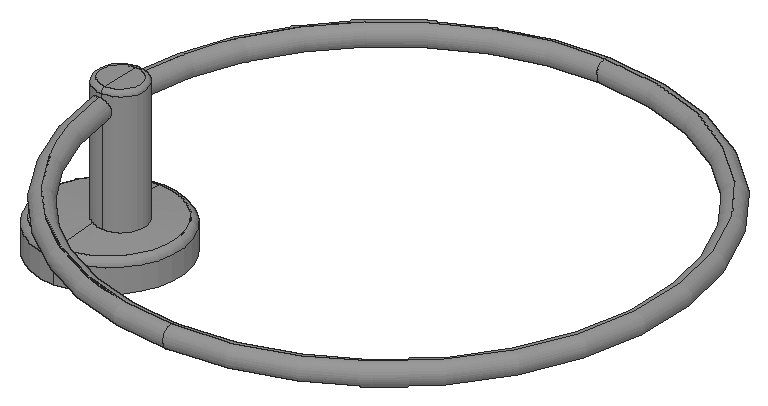
Revit family "Towel Ring- Trendly Hotels- Gala - 53071", category Plumbing Fixtures, host Face, Revit 2020
Family settings
  Host = Face
  Round Connector Dimension = Use Diameter
  Part Type = Normal
  OmniClass Number = 23.45.05.00
  OmniClass Title = Sanitary Equipment
  Cut with Voids When Loaded = No
  Shared = No
  Room Calculation Point = No
Parameters (values of type "5307100 Chrome")
  Youtube clip = ""
  Weight Net (Kg) = 0
  Uniclass 2.0 Description = ""
  Uniclass 2.0 Code = ""
  Uniclass 1.4 Description = "Bathroom, toilet furniture and fittings"
  Uniclass 1.4 Code = "L824"
  URL = "http://www.gala.es/accesorios/trendly-hotels/toallero-de-aro-53071_0"
  UNSPSC Code = ""
  Technical description = "http://www.gala.es/site/files/datos/ACCESORIOS/TRENDLY-HOTELS/53071/TECNICOS/T53071.pdf"
  Region South America = "All"
  Region Oceania = "All"
  Region North America = "All"
  Region Middle East = "All"
  Region Europe = "All"
  Region Asia = "All"
  Region Antarctica = "All"
  Region Africa = "All"
  QR code = "http://bimobject.com/gala/product/53071"
  Product group = "Bathroom accesories"
  Product family = "Trendly hotels"
  Product data url = "http://bimobject.com/gala/product/53071"
  Product certification = ""
  Product SKU = "5307100"
  Product Guid = "4c1dca54-f27a-4a78-8d14-a200a19dd9cd"
  Primary Material = Chrome- Trendly Hotels - Gala
  Nominal width = 200
  Nominal height = 220
  NBS Reference Description = ""
  NBS Reference Code = ""
  Model = "53071"
  Material secondary = ""
  Material main = ""
  Manufacturer name = "GALA"
  Manufacturer country = "Spain"
  Manufacturer URL = "http://www.gala.es/"
  Installation instructions = ""
  IFC Classification = "Object"
  Edition number = 1
  EAN code = ""
  Design country = "Spain"
  Description = "Towel ring"
  Default Elevation = 1219.2 mm
  Date of publishing = "2015-05-01"
  COBIe Type Category = ""
  BIMobject category = "Bathroom Accessories"
Reference planes
  plane 1 "Center (Front/Back)": y = 0
  plane 2: z = 0
  plane 3 "Center (Left/Right)": x = 0
Dimensions and locks
  aligned and locked: plane 2 to host face
  aligned and locked: level to host face
  aligned and locked: plane 3 "Center (Left/Right)" to nested 1
  aligned and locked: nested 1 to plane 1 "Center (Front/Back)"
  aligned and locked: host face to nested 1
Nested families
  nested 1: "53071" at (56.09, 0, -82.658) x (0, 1, 0) z (0, 0, 1), type "53071"
Definition of nested family "53071"
  Parameters
    Primary Material = none
    Default Elevation = 0 mm
  Reference planes
    plane 1 "Center (Front/Back)": y = 0
    plane 2: z = 0
    plane 3 "Center (Left/Right)": x = 0
    plane 4: z = 199.741
    plane 5: y = -56.993
    plane 6: y = -55.993
    plane 7: z = 82.658
    plane 8: x = 100.98
    plane 9: x = -100.98
    plane 10: z = 224.741
    plane 11: y = 56.09
  Forms (mm)
    Revolve 1, solid, material <- "Primary Material", detail levels medium+fine
      sketch origin (-0.516, 60.09, 1606.658) x (-1, 0, 0) y (0, 0, 1)
        loop
          line (-0.516, -1524) -> (24.484, -1524) -> (24.484, -1515.582)
          arc (24.484, -1515.582) -> (23.849, -1513.906) -> (22.263, -1513.071) r 2.529
          arc (22.263, -1513.071) -> (10.894, -1512.091) -> (-0.516, -1511.939) r 157.134
          line (-0.516, -1511.939) -> (-0.516, -1524)
        axis (-0.516, -1524) -> (-0.516, -1511.939)
      angle from 0 to 360
    Sweep 2, solid, material <- "Primary Material", detail levels medium+fine
      path origin (0, -139.651, 82.658) x (1, 0, 0) y (0, 1, 0)
        loop
          circle (0, 99.741) r 100
      profile origin (0, 60.09, 82.658) x (0, -1, 0) y (0, 0, 1)
        loop
          circle (2.846, 50.209) r 3.794
    Extrusion 3, solid, material <- "Primary Material", detail levels coarse
      sketch origin (0, -140.867, 83.874) x (1, 0, 0) y (0, 0, -1)
        loop
          line (-100.98, 1.216) -> (-100.98, -55.777) -> (100.98, -55.777) -> (100.98, 1.216) -> (-100.98, 1.216)
      from 0 to 225.949
    Revolve 4, solid, material <- "Primary Material", detail levels medium+fine
      sketch origin (-8.554, 56.09, 1200) x (-1, 0, 0) y (0, 0, 1)
        loop
          line (-8.554, -1060.349) -> (-8.554, -1106.519) -> (0, -1106.519) -> (0, -1061.88)
          arc (0, -1061.88) -> (-0.448, -1060.797) -> (-1.531, -1060.349) r 1.531
          line (-1.531, -1060.349) -> (-8.554, -1060.349)
        axis (-8.554, -1106.519) -> (-8.554, -1060.349)
      angle from 0 to 360
  Cuts and joins
    joined: Revolve 1, Sweep 2, Revolve 4
  Lines and regions (mm)
    Masking region 1, detail levels coarse
      outline origin (0, 0, 0) x (1, 0, 0) y (0, 1, 0)
        loop
          line (-100.98, 85.106) -> (-100.98, -140.867) -> (100.98, -140.867) -> (100.98, 85.106) -> (-100.98, 85.106)
    Masking region 2, detail levels coarse
      outline origin (0, 0, 0) x (0, 1, 0) y (0, 0, 1)
        loop
          line (85.082, 139.651) -> (-140.867, 139.651) -> (-140.867, 82.658) -> (85.082, 82.658) -> (85.082, 139.651)
    Masking region 3, detail levels coarse
      outline origin (0, 0, 0) x (1, 0, 0) y (0, 0, 1)
        loop
          line (-100.98, 139.651) -> (-100.98, 82.658) -> (100.98, 82.658) -> (100.98, 139.651) -> (-100.98, 139.651)
    Masking region 4, detail levels medium+fine
      outline origin (0, 0, 0) x (1, 0, 0) y (0, 1, 0)
        loop
          arc (-24.877, 57.611) -> (0, -140.867) -> (24.877, 57.611) r 100.798
          arc (24.877, 57.611) -> (18.531, 76.874) -> (0, 85.117) r 25.037
          arc (0, 85.117) -> (-18.531, 76.874) -> (-24.877, 57.611) r 25.037
        loop
          arc (-23.032, 50.367) -> (0, -133.629) -> (23.032, 50.367) r 93.44
          arc (23.032, 50.367) -> (0, 34.86) -> (-23.032, 50.367) r 24.858
    Masking region 5, detail levels medium+fine
      outline origin (0, 0, 0) x (1, 0, 0) y (0, 0, 1)
        loop
          arc (-97.117, 136.728) -> (-100.919, 132.927) -> (-97.117, 129.126) r 3.801
          line (-97.117, 129.126) -> (-8.554, 129.126) -> (-8.554, 94.652)
          arc (-8.554, 94.652) -> (-16.119, 94.481) -> (-23.62, 93.481) r 68.909
          arc (-23.62, 93.481) -> (-24.62, 93.067) -> (-25.034, 92.066) r 1.415
          line (-25.034, 92.066) -> (-25, 82.658) -> (25, 82.658) -> (25.034, 92.066)
          arc (25.034, 92.066) -> (24.62, 93.067) -> (23.62, 93.481) r 1.415
          arc (23.62, 93.481) -> (16.119, 94.481) -> (8.554, 94.652) r 68.909
          line (8.554, 94.652) -> (8.554, 129.126) -> (97.117, 129.126)
          arc (97.117, 129.126) -> (100.919, 132.927) -> (97.117, 136.728) r 3.801
          line (97.117, 136.728) -> (8.554, 136.728) -> (8.554, 138.651) -> (7.554, 139.651) -> (-7.554, 139.651) -> (-8.554, 138.651) -> (-8.554, 136.728) -> (-97.117, 136.728)
    Masking region 6, detail levels medium+fine
      outline origin (0, 0, 0) x (0, 1, 0) y (0, 0, 1)
        loop
          arc (-137.406, 136.603) -> (-140.87, 132.666) -> (-137.084, 129.039) r 3.789
          line (-137.084, 129.039) -> (47.533, 129.039) -> (47.533, 94.51)
          arc (47.533, 94.51) -> (41.99, 94.121) -> (36.47, 93.481) r 123.035
          arc (36.47, 93.481) -> (35.499, 93.079) -> (35.097, 92.108) r 1.373
          line (35.097, 92.108) -> (35.097, 82.658) -> (85.082, 82.658) -> (85.082, 92.108)
          arc (85.082, 92.108) -> (84.68, 93.079) -> (83.709, 93.481) r 1.373
          arc (83.709, 93.481) -> (74.196, 94.418) -> (64.643, 94.772) r 156.132
          line (64.643, 94.772) -> (64.643, 138.651) -> (63.643, 139.651) -> (48.536, 139.651) -> (47.536, 138.651) -> (47.536, 136.603) -> (-137.406, 136.603)
    symbolic lines, detail levels medium+fine
      curve 1: arc (8.554, 56.09, 0) -> (0, 64.643, 0) -> (-8.554, 56.09, 0) r 8.554
      curve 2: arc (-8.554, 56.09, 0) -> (0, 47.536, 0) -> (8.554, 56.09, 0) r 8.554
      curve 3: arc (7.554, 56.09, 0) -> (0, 63.643, 0) -> (-7.554, 56.09, 0) r 7.554
      curve 4: arc (-7.554, 56.09, 0) -> (0, 48.536, 0) -> (7.554, 56.09, 0) r 7.554
      curve 5: arc (-23.032, 50.367, 0) -> (-15.57, 52.048, 0) -> (-7.984, 53.02, 0) r 81.205
      curve 6: arc (-24.877, 57.611, 0) -> (-16.111, 59.625, 0) -> (-7.185, 60.731, 0) r 87.693
      curve 7: arc (23.032, 50.367, 0) -> (15.57, 52.048, 0) -> (7.984, 53.02, 0) r 81.205
      curve 8: arc (24.877, 57.611, 0) -> (16.111, 59.625, 0) -> (7.185, 60.731, 0) r 87.693
      curve 9: line (-8.554, 0, 129.126) -> (-8.554, 0, 136.728)
      curve 10: line (8.554, 0, 129.126) -> (8.554, 0, 136.728)
      curve 11: line (-8.554, 0, 138.651) -> (8.554, 0, 138.651)
      curve 12: line (8.554, 0, 94.652) -> (-8.554, 0, 94.652)
      curve 13: line (0, 64.643, 94.772) -> (0, 47.533, 94.51)
      curve 14: line (0, 47.536, 136.603) -> (0, 47.533, 129.039)
      curve 15: line (0, 64.643, 138.651) -> (0, 47.536, 138.651)
  Dimensions and locks
    plane 4 to level = 199.741 mm
    aligned and locked: level to plane 2
    aligned and locked: plane 9 to Extrusion 3 sketch curve
    aligned and locked: plane 8 to Extrusion 3 sketch curve
    aligned and locked: Masking region 1 sketch curve to Extrusion 3  (x2)
    aligned and locked: plane 9 to Masking region 3 sketch curve
    aligned and locked: plane 8 to Masking region 3 sketch curve
    aligned and locked: plane 7 to Extrusion 3
